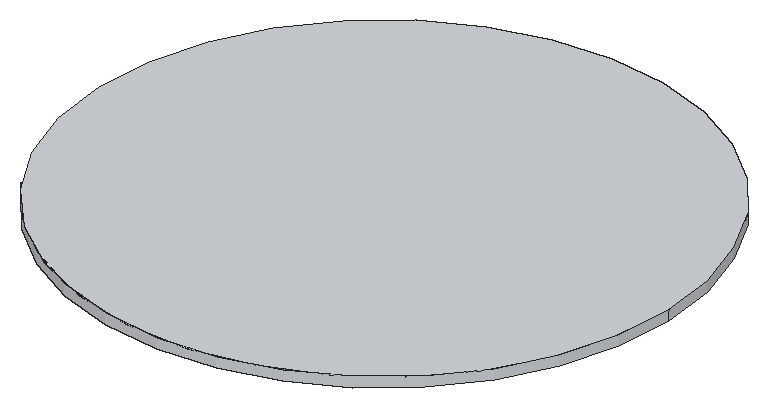
Revit family "CITY", category Lighting Fixtures, host Face, Revit 2023 (continued)
Types (10, lengths in mm): name | Radio | Photometric Web File | built-in parameter 1150142 | Manufacturer | LuxLight_Watios | LuxLight_Temperatura | LuxLight_Lumenes
     224.359512 214.070435 202.773239\r\n 192.228134 182.099075 170.369858 160.032776 148.543564 137.630417 127.085312 115.004044 104.44294 93.417786 81.976593 71.063446 59.718258 49.15715 39.060093 28.835022 20.146111 12.529313 6.064636 3.872406 2.800293 2.016211 1.520159\r\n 1.280134 1.200126 1.120117 1.136119 1.136119 1.216127 1.248131 1.312137 1.440151 1.456153 1.456153 1.616169 1.616169 1.648173 1.696178 1.760184 1.808189 1.856194 1.872196 1.872196 1.952205 2.080218 2.09622 2.208231 2.272238 2.336245\r\n 2.400252 2.432255 2.528265 2.57627 2.67228 2.704283 2.800293 2.896303 2.912305 3.008315 3.088324 3.120327 3.15233 3.184334 3.264342 3.296345 3.392355 3.472364 3.584376 3.63238 3.648382 3.744392 3.792397 3.856404 4.000419 4.112431\r\n 4.128432 4.208441 4.272448 4.192439 4.208441 4.288449 4.288449 4.320453 4.384459 4.432465 4.544477 4.544477 4.608483 4.608483 4.592481 4.592481 4.592481 4.67249 4.67249 4.67249 4.704493 4.752498 4.752498 4.784501 4.832506 4.86451\r\n 4.86451 4.928516 4.928516 4.96052 4.992523 5.008525 5.008525 5.008525 5.05653 5.088533 5.088533 5.088533 5.104535 5.120536 5.128537\r\n581.682983 581.116943 581.020874 580.540833 579.868713 579.148682 578.092529 576.892395 575.244263 573.548096 571.64386 569.499695 567.275452 564.843201 562.090881 559.226624 555.946228 552.873901 549.417542 545.561218 541.832764 537.816345\r\n 533.479919 529.031433 524.326904 519.526428 514.837952 509.141357 504.196838 498.948273 492.883636 486.899017 480.81839 474.657745 468.577118 461.568359 455.247711 448.431 441.310242 434.14151 426.556671 419.147919 411.835144 403.354279\r\n 395.737488 387.032562 379.223724 370.822845 361.733917 352.996979 344.660095 334.867096 325.874146 316.273132 307.02417 298.063232 287.758148 278.205139 269.036194 258.779114 248.906082 237.720901 228.087891 218.006836 207.141693\r\n 196.756607 186.163498 175.058334 164.273209 152.832001 141.838867 131.453781 119.980576 109.019424 98.186287 86.441055 76.167984 64.934807 54.325691 44.45266 33.491508 24.274542 15.489623 7.104744 4.352456 3.088324 2.160226 1.552163\r\n 1.200126 1.072112 1.008106 1.056111 1.120117 1.136119 1.152121 1.184124 1.248131 1.392146 1.456153 1.456153 1.536161 1.552163 1.632171 1.712179 1.792188 1.808189 1.888198 1.936203 1.968206 2.016211 2.112221 2.160226 2.19223 2.240235\r\n 2.28824 2.416253 2.48026 2.512263 2.624275 2.67228 2.704283 2.800293 2.816295 2.912305 2.912305 3.024317 3.072322 3.120327 3.168332 3.264342 3.312347 3.344351 3.376354 3.472364 3.552372 3.568374 3.648382 3.776396 3.792397 3.808399\r\n 3.888407 3.936413 3.984417 4.048424 4.064426 4.144434 4.208441 4.272448 4.240444 4.304451 4.272448 4.272448 4.304451 4.368458 4.368458 4.400461 4.448466 4.464468 4.544477 4.592481 4.560478 4.624485 4.67249 4.720494 4.720494 4.752498\r\n 4.832506 4.848508 4.880511 4.912515 4.96052 4.992523 5.008525 5.008525 5.008525 5.008525 5.024527 5.05653 5.088533 5.104535 5.128537\r\n581.682983 581.724976 581.580933 581.180908 580.62085 579.900757 578.812683 577.548462 576.172363 574.572205 572.700012 570.443726 568.155518 565.899292 563.067017 560.378723 557.162354 553.850037 550.585693 546.713257 543.032898 539.272522\r\n 534.744019 530.26355 525.559082 520.966553 516.08606 510.773529 505.444946 500.292419 494.115753 488.451172 482.290527 476.305908 469.953217 463.216522 456.927887 450.271179 443.02243 435.965698 428.108856 421.004089 413.723328 405.306488\r\n 397.529663 389.208771 381.351959 373.143097 363.95816 355.413239 347.01236 337.315338 328.306396 318.865417 309.600433 300.719482 290.526428 281.037445 271.900482 261.27536 251.802383 241.09726 231.496262 221.559204 210.486053 200.821045\r\n 190.627975 179.762833 169.18573 158.000549 147.327438 137.070358 125.35714 115.036057 104.18692 92.537697 82.376625 71.239464 60.726364 50.437283 40.052197 30.979246 22.002306 13.665431 7.504786 4.112431 2.944309 2.080218 1.392146\r\n 1.200126 1.136119 1.200126 1.216127 1.216127 1.280134 1.312137 1.440151 1.520159 1.568164 1.616169 1.632171 1.680176 1.744183 1.808189 1.808189 1.856194 1.888198 1.952205 2.016211 2.09622 2.160226 2.19223 2.256237 2.28824 2.352247\r\n 2.48026 2.512263 2.528265 2.67228 2.736287 2.752289 2.76829 2.848299 2.944309 3.05632 3.120327 3.168332 3.264342 3.24834 3.328349 3.424359 3.424359 3.472364 3.536371 3.616379 3.712389 3.744392 3.856404 3.872406 3.904409 3.984417 4.032423\r\n 4.096429 4.144434 4.192439 4.240444 4.272448 4.288449 4.304451 4.352456 4.432465 4.448466 4.544477 4.592481 4.608483 4.608483 4.640486 4.784501 4.848508 4.848508 4.86451 4.912515 4.944518 4.96052 5.008525 5.024527 5.088533 5.088533\r\n 5.05653 5.088533 5.104535 5.05653 5.120536 5.120536 5.168542 5.184543 5.200545 5.184543 5.24855 5.184543 5.128537\r\n581.682983 582.092957 581.948975 581.532898 581.036865 580.108765 579.100647 577.948547 576.300354 574.828247 572.90802 570.747803 568.619568 566.235352 563.563049 560.714783 557.530396 554.250061 551.129761 547.177307 543.672974 539.576538\r\n 535.304077 530.775574 526.087097 521.286621 516.678162 511.173553 506.053009 500.948486 495.139893 489.267273 483.074615 477.073975 470.785309 464.048615 457.567932 451.103271 443.966522 437.005768 429.549011 422.140228 414.66745\r\n 406.570618 399.145813 390.456909 382.376068 374.487244 365.334259 356.46936 348.228485 338.83548 329.906586 320.465576 311.248627 302.399689 292.286621 283.245667 273.676697 263.147552 253.690582 242.777435 233.064407 222.983368 211.734192\r\n 201.493118 191.460068 180.178879 170.097824 159.136673 148.55957 138.542511 127.085312 117.116264 106.667175 95.289986 85.448952 74.951851 65.030815 55.381802 45.55677 36.85186 28.178953 19.746069 12.465305 6.256656 3.824401 2.848299\r\n 1.936203 1.536161 1.376144 1.376144 1.392146 1.360142 1.392146 1.456153 1.520159 1.536161 1.632171 1.680176 1.760184 1.792188 1.808189 1.920201 2.00021 1.968206 2.00021 2.09622 2.176228 2.19223 2.256237 2.368248 2.432255 2.496262\r\n 2.57627 2.656278 2.704283 2.736287 2.832297 2.752289 2.800293 2.912305 2.992314 3.05632 3.088324 3.168332 3.24834 3.296345 3.328349 3.392355 3.488365 3.536371 3.616379 3.712389 3.792397 3.808399 3.824401 3.936413 3.968416 4.000419\r\n 4.064426 4.112431 4.144434 4.208441 4.272448 4.352456 4.368458 4.464468 4.528474 4.544477 4.528474 4.592481 4.608483 4.640486 4.704493 4.752498 4.784501 4.800503 4.880511 4.832506 4.86451 4.86451 4.848508 4.944518 4.928516 4.944518\r\n 4.96052 4.944518 5.008525 5.024527 5.088533 5.120536 5.168542 5.120536 5.15254 5.120536 5.168542 5.24855 5.200545 5.184543 5.128537\r\n581.682983 585.421326 585.453369 584.909302 584.397217 583.677185 582.749023 581.677002 580.156799 578.652588 576.94043 574.860229 572.843994 570.427734 567.659424 565.083191 561.786865 558.650513 555.434143 551.625793 548.137451 544.169006\r\n 539.976563 535.91217 531.015686 526.679199 521.798706 516.486145 511.333588 506.053009 500.324432 494.979858 488.435181 482.690582 476.737946 469.841217 463.600586 457.023895 449.791107 443.310455 435.469635 428.444885 420.972107\r\n 412.683258 405.306488 397.369629 389.000763 380.839905 371.638947 363.446075 355.109192 345.540192 336.9953 326.690247 317.777283 308.256287 298.207245 288.47821 279.085236 268.732178 258.779114 247.96199 238.248962 228.055893 217.286774\r\n 206.965683 196.852631 185.859467 175.29837 164.337219 153.792114 144.17511 132.701904 122.092796 112.043739 100.554535 90.505486 79.672348 69.479279 59.894276 49.461182 40.50024 31.97135 23.746487 16.721752 9.713017 5.168542 3.504367\r\n 2.496262 1.808189 1.360142 1.120117 1.072112 1.104116 1.136119 1.104116 1.056111 1.120117 1.152121 1.200126 1.248131 1.312137 1.360142 1.392146 1.472154 1.536161 1.568164 1.648173 1.744183 1.792188 1.856194 1.920201 2.00021 2.09622\r\n 2.160226 2.19223 2.272238 2.336245 2.400252 2.48026 2.528265 2.656278 2.656278 2.704283 2.76829 2.848299 2.912305 2.976312 3.072322 3.088324 3.168332 3.264342 3.344351 3.456362 3.504367 3.552372 3.648382 3.776396 3.808399 3.792397\r\n 3.872406 3.888407 3.984417 4.000419 4.112431 4.176438 4.176438 4.240444 4.320453 4.384459 4.352456 4.432465 4.464468 4.544477 4.512473 4.608483 4.640486 4.704493 4.784501 4.752498 4.784501 4.832506 4.880511 4.928516 4.928516 4.96052\r\n 5.008525 4.880511 4.880511 4.96052 4.944518 5.008525 5.024527 5.024527 5.05653 5.05653 5.05653 5.088533 5.120536 5.104535 5.128537\r\n581.682983 581.772949 581.580933 581.308899 580.700867 579.980774 578.988647 577.612549 576.25238 574.716248 572.924011 570.731812 568.667542 566.363342 563.611084 560.954773 557.80249 554.650085 551.417786 547.609375 544.169006 540.120605\r\n 535.960144 531.671753 527.127258 522.598755 517.894287 512.485718 507.477173 502.164612 496.516022 491.011444 484.754791 478.738159 472.801544 466.176819 460.000183 453.247498 446.350739 439.374023 431.901245 424.732483 417.579773\r\n 409.434906 401.546082 394.057281 385.40036 377.591553 368.838623 360.437744 351.940857 342.051819 333.41095 323.265869 314.224915 304.83194 294.798889 285.149872 275.804901 265.435791 255.514771 245.097687 234.984634 224.791565 214.118423\r\n 204.277405 193.79631 182.883163 172.35405 161.968964 151.503876 141.054779 130.125641 119.660538 109.531471 98.042267 87.993217 76.424011 66.454964 56.597931 45.668785 36.339806 28.178953 19.858082 13.041367 7.312766 4.128432 3.024317\r\n 2.112221 1.552163 1.184124 1.184124 1.104116 1.120117 1.120117 1.136119 1.136119 1.184124 1.280134 1.248131 1.328139 1.424149 1.520159 1.520159 1.456153 1.568164 1.696178 1.712179 1.760184 1.952205 2.032213 2.09622 2.160226 2.240235\r\n 2.208231 2.256237 2.368248 2.416253 2.448256 2.528265 2.57627 2.67228 2.752289 2.76829 2.832297 2.976312 2.976312 3.008315 3.088324 3.168332 3.216337 3.24834 3.344351 3.456362 3.504367 3.552372 3.712389 3.744392 3.824401 3.888407\r\n 3.968416 3.984417 4.048424 4.128432 4.192439 4.272448 4.304451 4.352456 4.352456 4.400461 4.464468 4.448466 4.528474 4.560478 4.608483 4.688491 4.688491 4.784501 4.784501 4.832506 4.86451 4.86451 4.912515 4.928516 4.944518 5.008525\r\n 5.008525 4.912515 4.880511 4.912515 4.944518 4.928516 4.96052 4.96052 5.008525 5.008525 5.05653 5.024527 5.088533 5.088533 5.128537\r\n581.682983 580.572876 580.348816 579.900757 579.292664 578.428589 577.276489 576.108337 574.460205 572.90802 570.971802 568.811584 566.635376 564.363159 561.61084 558.682556 555.674255 552.457886 549.049561 545.273132 541.672791 537.64032\r\n 533.447937 529.287476 524.358948 519.830444 515.061951 509.797394 504.660889 499.412323 493.587738 488.067139 481.682465 476.129883 469.889221 463.264526 456.863892 450.495209 443.102417 436.445709 428.716919 421.660187 414.55542\r\n 405.850525 398.601746 390.616913 382.16803 373.86319 365.174255 356.629364 348.40451 339.299561 330.274597 320.817596 311.584656 302.575714 292.142609 282.845642 273.052582 262.571503 252.730469 242.281387 232.136322 222.503311 211.414154\r\n 201.525116 191.652084 180.306885 170.305832 159.232681 148.639572 138.478516 126.669273 116.412201 105.531052 94.201874 83.400734 72.19957 62.118507 52.10146 42.068405 33.011459 24.754595 16.273705 9.424987 4.720494 3.456362 2.432255\r\n 1.680176 1.216127 1.136119 1.104116 1.120117 1.120117 1.120117 1.120117 1.152121 1.184124 1.200126 1.280134 1.328139 1.456153 1.472154 1.552163 1.632171 1.696178 1.712179 1.792188 1.888198 1.936203 2.00021 2.112221 2.19223 2.240235\r\n 2.28824 2.336245 2.432255 2.528265 2.57627 2.608273 2.67228 2.704283 2.800293 2.848299 2.896303 3.008315 3.072322 3.15233 3.184334 3.24834 3.296345 3.376354 3.472364 3.536371 3.616379 3.648382 3.72839 3.792397 3.872406 3.968416 4.032423\r\n 4.048424 4.144434 4.208441 4.208441 4.272448 4.320453 4.384459 4.448466 4.464468 4.512473 4.560478 4.640486 4.67249 4.688491 4.720494 4.752498 4.800503 4.86451 4.928516 4.944518 5.008525 4.96052 4.992523 4.992523 5.008525 4.96052\r\n 4.96052 4.992523 5.008525 5.024527 5.008525 5.024527 5.088533 5.088533 5.15254 5.184543 5.200545 5.200545 5.24855 5.128537\r\n581.682983 580.252808 579.884705 579.324646 578.684631 577.692566 576.300354 575.196228 573.548096 571.851929 569.819702 567.643433 565.30719 562.970947 560.074646 557.098328 553.914063 550.569702 547.257324 543.448975 539.592529 535.56012\r\n 531.271667 526.871155 521.910706 517.430176 512.549683 507.301147 501.924591 496.484039 490.659424 485.170837 478.738159 472.689545 466.800934 460.080231 453.439514 447.086853 439.550049 432.941345 424.940521 417.979797 410.458984\r\n 402.442169 394.61734 386.616486 378.087616 369.766724 360.933807 352.372925 344.036041 334.467041 325.986145 316.097107 307.424194 298.191254 288.382202 279.357269 270.268311 259.739227 250.474243 239.929138 230.584152 220.583115\r\n 210.166016 200.116959 190.531952 179.346786 169.36174 158.384598 147.91951 137.854446 126.173225 115.964157 105.291031 94.057854 83.320724 72.087555 61.94249 51.877438 40.564251 30.515196 21.298231 12.241282 6.000628 4.192439 3.008315\r\n 2.160226 1.552163 1.296136 1.184124 1.136119 1.200126 1.248131 1.248131 1.280134 1.296136 1.296136 1.392146 1.440151 1.472154 1.536161 1.568164 1.648173 1.744183 1.792188 1.792188 1.856194 1.920201 1.952205 2.080218 2.080218 2.208231\r\n 2.336245 2.416253 2.448256 2.512263 2.57627 2.624275 2.704283 2.800293 2.832297 2.912305 2.944309 3.008315 3.05632 3.15233 3.216337 3.232339 3.312347 3.376354 3.424359 3.472364 3.568374 3.648382 3.72839 3.776396 3.824401 3.856404\r\n 3.904409 3.968416 4.000419 4.096429 4.128432 4.192439 4.192439 4.320453 4.304451 4.384459 4.464468 4.544477 4.592481 4.560478 4.688491 4.704493 4.704493 4.784501 4.752498 4.720494 4.704493 4.784501 4.784501 4.67249 4.67249 4.688491\r\n 4.720494 4.720494 4.752498 4.86451 4.848508 4.86451 4.912515 4.928516 4.880511 4.944518 4.944518 4.944518 4.96052 4.96052 5.104535 5.128537\r\n581.682983 580.476807 580.028809 579.372742 578.572632 577.692566 576.332336 575.036255 573.084045 571.29187 569.355652 567.0354 564.523132 562.07489 559.098572 556.154297 552.713928 549.385559 545.929199 541.848755 537.992371 533.895935\r\n 529.367493 524.870972 520.022522 515.366028 510.341461 504.884888 499.60434 494.019745 488.115143 482.242523 475.905853 469.921234 463.680573 456.911896 450.191193 443.646484 436.077698 428.924957 421.324158 413.867371 406.522614\r\n 398.233704 390.216888 382.440063 373.847198 365.526306 356.709381 348.05246 339.571594 329.922577 321.329651 311.376617 302.703705 293.358734 283.549683 274.476746 264.779755 254.154633 244.777649 234.504562 224.599533 214.598495\r\n 204.197388 193.972321 184.307312 173.634186 163.777161 152.527969 142.574936 132.013824 120.940674 110.23555 99.898468 88.153236 77.928162 66.230942 56.101879 46.292847 35.315701 26.162741 17.393822 9.649011 5.24855 3.712389 2.752289\r\n 2.00021 1.520159 1.296136 1.216127 1.136119 1.152121 1.184124 1.248131 1.296136 1.328139 1.376144 1.440151 1.536161 1.472154 1.552163 1.632171 1.648173 1.760184 1.872196 1.936203 2.032213 2.176228 2.272238 2.336245 2.368248 2.432255\r\n 2.448256 2.496262 2.528265 2.656278 2.624275 2.704283 2.816295 2.848299 2.912305 2.976312 2.992314 3.05632 3.15233 3.15233 3.24834 3.312347 3.328349 3.376354 3.424359 3.472364 3.584376 3.63238 3.664384 3.72839 3.792397 3.824401 3.904409\r\n 3.968416 4.032423 4.128432 4.144434 4.208441 4.240444 4.320453 4.304451 4.384459 4.384459 4.448466 4.432465 4.512473 4.544477 4.624485 4.67249 4.720494 4.608483 4.640486 4.624485 4.67249 4.688491 4.752498 4.752498 4.800503 4.832506\r\n 4.848508 4.86451 4.944518 4.96052 5.008525 5.008525 5.024527 5.008525 5.05653 5.024527 5.05653 5.008525 5.05653 5.024527 5.128537\r\n" | "" | 20 W | 4000 K | 1600 lm
